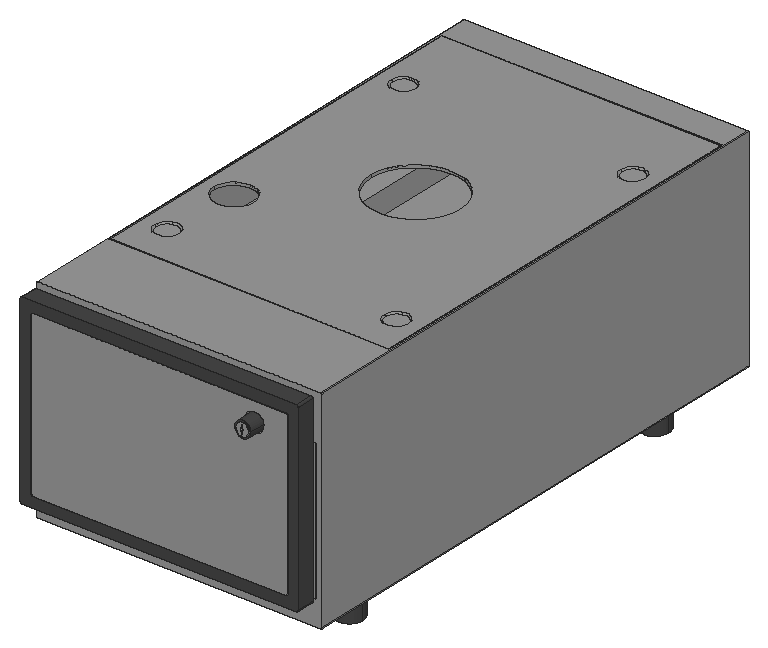
Revit family "Franke_Unterstellkühleinheit_UC05_EC-A600_MS_EC_A600_FM_EC_A800_FM_EC", category Sonderausstattung, Revit 2015
Parameters (values of type "Unterstellkühleinheit UC05 EC-A600 MS EC,A600 FM EC,A800 FM EC(230V/EU)")
  URL = "http://www.franke.com/main/de/cs/produkte/produktsuche/produktsuche.html#akCache=true&p=1&t=grid&f=cat14_3210"
  Tiefe = 646 mm
  Temperaturbereich = "+ 3° bis + 8°"
  Spannung = 230 V
  Sicherung = "10 A"
  Schallemission = "70 dB"
  Netzfrequenz alternativ = 60 Hz
  Netzfrequenz = 50 Hz
  Modell = "410877 - Unterstellkühleinheit UC05 EC - A600 MS EC, A600 FM EC, A800 FM EC"
  Milchvorrat = "5 l"
  Leistung = 90 W
  Kosten = 0
  Höhe = 264 mm
  Hersteller = "Franke"
  Energieverlust nach DIN18873 = "0.380 kWh/24 h - 230 V"
  Breite = 320 mm
  Beschreibung = "Beistellgerät Unterstellkühleinheit UC05 dient zum Aufbewahren von gekühlter Milch"
  Assembly Code = "Beistellgerät Unterstellkühleinheit UC05"
  Keynote = "Beistellgerät Unterstellkühleinheit UC05"
  Aufstellgewicht = "27 kg"
  Anzahl von Polen = 1
  Anzahl der Schutzleiter = "1"
  Anzahl der Nullleiter = "1"
Reference planes
  plane 1 "Mitte (Vorne/Hinten)": y = 0
  plane 2: z = 0
  plane 3 "Mitte (Links/Rechts)": x = 0
Forms (mm)
  Extrusion 1, solid, material "Franke Black"
    sketch origin (0, 0, 0) x (1, 0, 0) y (0, 1, 0)
      loop
        circle (-135, 200.5) r 4.488
      loop
        circle (135, 200.5) r 4.488
      loop
        circle (-135, -229.5) r 4.488
      loop
        circle (135, -229.5) r 4.488
    from 20 to 26
  Extrusion 2, solid, material "Franke Black"
    sketch origin (0, 0, 0) x (1, 0, 0) y (0, 1, 0)
      loop
        circle (-135, 200.5) r 15
      loop
        circle (135, 200.5) r 15
      loop
        circle (-135, -229.5) r 15
      loop
        circle (135, -229.5) r 15
    from 0 to 20
  Extrusion 3, solid, material "Franke Black"
    sketch origin (0, 0, -6) x (1, 0, 0) y (0, 0, 1)
      loop
        arc (-154.5, 268) -> (-155.914, 267.414) -> (-156.5, 266) r 2
        line (-156.5, 266) -> (-156.5, 61.8)
        arc (-156.5, 61.8) -> (-155.914, 60.386) -> (-154.5, 59.8) r 2
        line (-154.5, 59.8) -> (154.5, 59.8)
        arc (154.5, 59.8) -> (155.914, 60.386) -> (156.5, 61.8) r 2
        line (156.5, 61.8) -> (156.5, 266)
        arc (156.5, 266) -> (155.914, 267.414) -> (154.5, 268) r 2
        line (154.5, 268) -> (-154.5, 268)
      loop
        arc (141.5, 71.8) -> (143.621, 72.679) -> (144.5, 74.8) r 3
        line (144.5, 74.8) -> (144.5, 253)
        arc (144.5, 253) -> (143.621, 255.121) -> (141.5, 256) r 3
        line (141.5, 256) -> (-141.5, 256)
        arc (-141.5, 256) -> (-143.621, 255.121) -> (-144.5, 253) r 3
        line (-144.5, 253) -> (-144.5, 74.8)
        arc (-144.5, 74.8) -> (-143.621, 72.679) -> (-141.5, 71.8) r 3
        line (-141.5, 71.8) -> (141.5, 71.8)
    from 308 to 328
  Extrusion 4, solid, material "Franke Edelstahl, gebürstet"
    sketch origin (0, 0, -6) x (1, 0, 0) y (0, 0, 1)
      loop
        arc (-141.5, 256) -> (-143.621, 255.121) -> (-144.5, 253) r 3
        line (-144.5, 253) -> (-144.5, 74.8)
        arc (-144.5, 74.8) -> (-143.621, 72.679) -> (-141.5, 71.8) r 3
        line (-141.5, 71.8) -> (141.5, 71.8)
        arc (141.5, 71.8) -> (143.621, 72.679) -> (144.5, 74.8) r 3
        line (144.5, 74.8) -> (144.5, 253)
        arc (144.5, 253) -> (143.621, 255.121) -> (141.5, 256) r 3
        line (141.5, 256) -> (-141.5, 256)
      loop
        circle (106.999, 233.998) r 11
    from 318.5 to 328
  Extrusion 5, solid, material "Franke Black"
    sketch origin (335, 0, -6) x (1, 0, 0) y (0, 0, 1)
      loop
        arc (-481, 256) -> (-482.414, 255.414) -> (-483, 254) r 2
        line (-483, 254) -> (-483, 73.8)
        arc (-483, 73.8) -> (-482.414, 72.386) -> (-481, 71.8) r 2
        line (-481, 71.8) -> (-189, 71.8)
        arc (-189, 71.8) -> (-187.586, 72.386) -> (-187, 73.8) r 2
        line (-187, 73.8) -> (-187, 254)
        arc (-187, 254) -> (-187.586, 255.414) -> (-189, 256) r 2
        line (-189, 256) -> (-481, 256)
    from 300 to 308
  Extrusion 6, solid, material "Franke Edelstahl, gebürstet"
    sketch origin (0, 0, -6) x (1, 0, 0) y (0, 0, 1)
      loop
        arc (-159, 270) -> (-159.707, 269.707) -> (-160, 269) r 1
        line (-160, 269) -> (-160, 33)
        arc (-160, 33) -> (-159.707, 32.293) -> (-159, 32) r 1
        line (-159, 32) -> (159, 32)
        arc (159, 32) -> (159.707, 32.293) -> (160, 33) r 1
        line (160, 33) -> (160, 269)
        arc (160, 269) -> (159.707, 269.707) -> (159, 270) r 1
        line (159, 270) -> (-159, 270)
    from -300 to 300
  Extrusion 7, solid, material "Franke Edelstahl, gebürstet"
    sketch origin (0, 0, -6) x (1, 0, 0) y (0, 1, 0)
      loop
        line (-156.75, 265) -> (-156.75, -201) -> (156.75, -201) -> (156.75, 265) -> (-156.75, 265)
      loop
        circle (0, 31.981) r 50
      loop
        circle (-121.744, -71.013) r 22.5
    from 267 to 270
  Extrusion 8, solid, material "Franke Edelstahl, gebürstet"
    sketch origin (0, 0, -6) x (1, 0, 0) y (0, 1, 0)
      loop
        line (-94, 229) -> (-94, -201) -> (-52, -201) -> (-52, 229) -> (-94, 229)
    from 220.406 to 246
  Extrusion 9, void
    sketch origin (0, 0, -6) x (0, 1, 0) y (0, 0, 1)
      loop
        line (240, 196) -> (238, 196) -> (238, 138) -> (240, 138) -> (240, 196)
      loop
        line (240, 121) -> (238, 121) -> (238, 63) -> (240, 63) -> (240, 121)
      loop
        line (232, 196) -> (230, 196) -> (230, 138) -> (232, 138) -> (232, 196)
      loop
        line (232, 121) -> (230, 121) -> (230, 63) -> (232, 63) -> (232, 121)
      loop
        line (224, 196) -> (222, 196) -> (222, 138) -> (224, 138) -> (224, 196)
      loop
        line (224, 121) -> (222, 121) -> (222, 63) -> (224, 63) -> (224, 121)
      loop
        line (216, 196) -> (214, 196) -> (214, 138) -> (216, 138) -> (216, 196)
      loop
        line (216, 121) -> (214, 121) -> (214, 63) -> (216, 63) -> (216, 121)
      loop
        line (208, 196) -> (206, 196) -> (206, 138) -> (208, 138) -> (208, 196)
      loop
        line (208, 121) -> (206, 121) -> (206, 63) -> (208, 63) -> (208, 121)
      loop
        line (200, 196) -> (198, 196) -> (198, 138) -> (200, 138) -> (200, 196)
      loop
        line (200, 121) -> (198, 121) -> (198, 63) -> (200, 63) -> (200, 121)
      loop
        line (192, 196) -> (190, 196) -> (190, 138) -> (192, 138) -> (192, 196)
      loop
        line (192, 121) -> (190, 121) -> (190, 63) -> (192, 63) -> (192, 121)
      loop
        line (184, 196) -> (182, 196) -> (182, 138) -> (184, 138) -> (184, 196)
      loop
        line (184, 121) -> (182, 121) -> (182, 63) -> (184, 63) -> (184, 121)
      loop
        line (176, 196) -> (174, 196) -> (174, 138) -> (176, 138) -> (176, 196)
      loop
        line (176, 121) -> (174, 121) -> (174, 63) -> (176, 63) -> (176, 121)
      loop
        line (168, 196) -> (166, 196) -> (166, 138) -> (168, 138) -> (168, 196)
      loop
        line (168, 121) -> (166, 121) -> (166, 63) -> (168, 63) -> (168, 121)
      loop
        line (160, 196) -> (158, 196) -> (158, 138) -> (160, 138) -> (160, 196)
      loop
        line (160, 121) -> (158, 121) -> (158, 63) -> (160, 63) -> (160, 121)
      loop
        line (152, 196) -> (150, 196) -> (150, 138) -> (152, 138) -> (152, 196)
      loop
        line (152, 121) -> (150, 121) -> (150, 63) -> (152, 63) -> (152, 121)
      loop
        line (144, 196) -> (142, 196) -> (142, 138) -> (144, 138) -> (144, 196)
      loop
        line (144, 121) -> (142, 121) -> (142, 63) -> (144, 63) -> (144, 121)
      loop
        line (136, 196) -> (134, 196) -> (134, 138) -> (136, 138) -> (136, 196)
      loop
        line (136, 121) -> (134, 121) -> (134, 63) -> (136, 63) -> (136, 121)
      loop
        line (128, 196) -> (126, 196) -> (126, 138) -> (128, 138) -> (128, 196)
      loop
        line (128, 121) -> (126, 121) -> (126, 63) -> (128, 63) -> (128, 121)
    from -184.893 to -155.25
  Blend 10, void
    base sketch origin (-93.493, -145.595, -6) x (1, 0, 0) y (0, 1, 0)
      loop
        circle (222.526, 322.168) r 12.5
    top sketch origin (-93.493, -145.595, -6) x (1, 0, 0) y (0, 1, 0)
      loop
        circle (222.526, 322.168) r 16
    from 268.5 to 273
  Blend 11, void
    base sketch origin (93.493, -145.595, -6) x (-1, 0, 0) y (0, -1, 0)
      loop
        circle (222.526, -322.168) r 12.5
    top sketch origin (93.493, -145.595, -6) x (-1, 0, 0) y (0, -1, 0)
      loop
        circle (222.526, -322.168) r 16
    from 268.5 to 273
  Blend 12, void
    base sketch origin (-93.493, -478.173, -6) x (1, 0, 0) y (0, 1, 0)
      loop
        circle (222.526, 322.168) r 12.5
    top sketch origin (-93.493, -478.173, -6) x (1, 0, 0) y (0, 1, 0)
      loop
        circle (222.526, 322.168) r 16
    from 268.5 to 273
  Blend 13, void
    base sketch origin (93.493, -478.173, -6) x (-1, 0, 0) y (0, -1, 0)
      loop
        circle (222.526, -322.168) r 12.5
    top sketch origin (93.493, -478.173, -6) x (-1, 0, 0) y (0, -1, 0)
      loop
        circle (222.526, -322.168) r 16
    from 268.5 to 273
  Extrusion 14, void
    sketch origin (-780, 0, 0) x (1, 0, 0) y (0, 1, 0)
      loop
        circle (814.827, 249.978) r 40
    from 0 to 46
  Extrusion 15, void
    sketch origin (0, 0, 0) x (1, 0, 0) y (0, 1, 0)
      loop
        line (157.75, 266) -> (-157.75, 266) -> (-157.75, -202) -> (157.75, -202) -> (157.75, 266)
    from 214.406 to 298.349
  Blend 16, solid, material "Franke Black"
    base sketch origin (0.557, -47.5, -47.767) x (1, 0, 0) y (0, 0, 1)
      loop
        circle (106.442, 275.765) r 10
    top sketch origin (0.557, -47.5, -47.767) x (1, 0, 0) y (0, 0, 1)
      loop
        circle (106.442, 275.765) r 9
    from 271 to 296.6
  Extrusion 17, solid, material "Franke Stahl, verchromt"
    sketch origin (0.557, -47.5, -47.767) x (1, 0, 0) y (0, 0, 1)
      loop
        circle (106.442, 275.765) r 7
      loop
        line (106.942, 280.765) -> (105.942, 280.765)
        arc (105.942, 280.765) -> (105.588, 280.619) -> (105.442, 280.265) r 0.5
        line (105.442, 280.265) -> (105.442, 277.401)
        arc (105.442, 277.401) -> (104.592, 275.765) -> (105.442, 274.129) r 2
        line (105.442, 274.129) -> (105.442, 271.265)
        arc (105.442, 271.265) -> (105.588, 270.912) -> (105.942, 270.765) r 0.5
        line (105.942, 270.765) -> (106.942, 270.765)
        arc (106.942, 270.765) -> (107.296, 270.912) -> (107.442, 271.265) r 0.5
        line (107.442, 271.265) -> (107.442, 274.129)
        arc (107.442, 274.129) -> (108.292, 275.765) -> (107.442, 277.401) r 2
        line (107.442, 277.401) -> (107.442, 280.265)
        arc (107.442, 280.265) -> (107.296, 280.619) -> (106.942, 280.765) r 0.5
    from 295.6 to 297.6
  Extrusion 18, solid, material "Franke Black"
    sketch origin (0, 10.5, -6) x (1, 0, 0) y (0, 0, 1)
      loop
        line (-144.5, 256) -> (-144.5, 71.8) -> (144.5, 71.8) -> (144.5, 256) -> (-144.5, 256)
    from 318.5 to 329
  Extrusion 19, void
    sketch origin (0, 0, 0) x (1, 0, 0) y (0, 0, 1)
      loop
        line (-153, 210.998) -> (-153, 53.8) -> (153, 53.8) -> (153, 210.998) -> (-153, 210.998)
    from 201 to 344.1
  Extrusion 20, solid, material "Franke Kunststoff, undurchsichtig weiß"
    sketch origin (0, 0, 0) x (1, 0, 0) y (0, 0, 1)
      loop
        line (-153.001, 210.998) -> (-153.001, 53.8) -> (153, 53.8) -> (153, 210.998) -> (-153.001, 210.998)
    from 201 to 300
  Extrusion 21, solid, material "Franke Edelstahl, gebürstet"
    sketch origin (-0.764, -48, -20) x (0, 1, 0) y (0, 0, 1)
      loop
        line (-252, 74.8) -> (-252, 75.8) -> (-260, 75.8) -> (-260, 74.8) -> (-252, 74.8)
    from -140.736 to -130.736
  Extrusion 22, solid, material "Franke Black"
    sketch origin (0, 0, 0) x (1, 0, 0) y (0, 1, 0)
      loop
        circle (11.623, 242.829) r 2.5
    from 26 to 46
Cuts and joins
  Blend 10, Blend 11, Blend 12, Blend 13 cuts Extrusion 7
  Extrusion 9, Extrusion 14, Extrusion 15, Extrusion 19 cuts Extrusion 6
  joined: Extrusion 3, Extrusion 18
Dimensions and locks
  aligned and locked: level to plane 2
Connectors
  electrical at (11.623, 242.829, 26), driven by "Anzahl von Polen", driven by "Spannung"
    settings: on Extrusion 22, index 1, voltage 230 V, apparent load 0 VA, apparent load phase1 0 VA, apparent load phase2 0 VA, apparent load phase3 0 VA, power factor 1, load classification "Strom", number of poles 1, system type 31, power factor state 1, is connector primary yes, connector utility no, sub classification motor no, connector description ""
